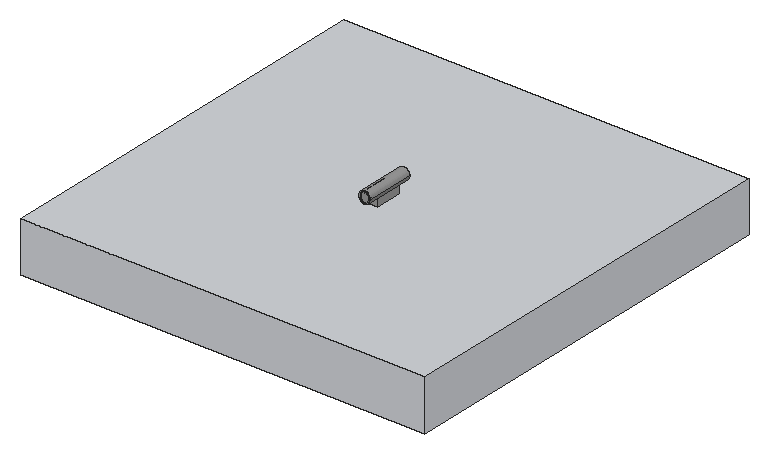
Revit family "LAMP_LUP WALL 70 DIRECT", category Luminarias, Revit 2018 (continued)
Parameters (values of type "665LM 3000 ASYM BLACK")
    \n0.00 0.00 0.00 0.00 0.00 0.00 0.00 0.00 0.00 0.00 0.00 \r\n0.00 0.00 0.00 0.00 0.00 0.00 0.00 0.00 0.00 0.00 0.00 \r\n0.00 0.00 \r\n455.10 503.58 541.94 575.30 599.00 616.63 627.33 627.35 \r\n617.73 600.97 578.48 552.49 524.33 493.21 466.27 444.18 \r\n425.05 404.44 380.81 335.41 280.15 216.01 143.30 86.76 \r\n48.70 36.54 29.18 25.00 21.60 18.15 14.61 11.42 8.93 7.15 \r\n5.87 4.76 3.80 3.06 2.38 1.76 1.26 0.85 0.52 0.30 0.18 \r\n0.00 0.00 0.00 0.00 0.00 0.00 0.00 0.00 0.00 0.00 0.00 \r\n0.00 0.00 0.00 0.00 0.00 0.00 0.00 0.00 0.00 0.00 0.00 \r\n0.00 0.00 0.00 0.00 0.00 0.00 0.00 0.00 0.00 0.00 0.00 \r\n0.00 0.00 0.00 0.00 0.00 0.00 0.00 0.00 0.00 0.00 0.00 \r\n0.00 0.00 \r\n455.10 506.79 548.08 584.49 612.75 632.94 646.19 647.32 \r\n639.20 622.57 599.47 573.14 543.22 509.19 479.73 455.50 \r\n435.02 413.54 389.59 346.09 292.11 228.73 154.64 95.79 \r\n54.60 39.26 30.15 25.60 22.24 18.83 15.30 12.03 9.41 7.48 \r\n6.07 4.88 3.88 3.11 2.41 1.78 1.27 0.85 0.53 0.30 0.18 \r\n0.00 0.00 0.00 0.00 0.00 0.00 0.00 0.00 0.00 0.00 0.00 \r\n0.00 0.00 0.00 0.00 0.00 0.00 0.00 0.00 0.00 0.00 0.00 \r\n0.00 0.00 0.00 0.00 0.00 0.00 0.00 0.00 0.00 0.00 0.00 \r\n0.00 0.00 0.00 0.00 0.00 0.00 0.00 0.00 0.00 0.00 0.00 \r\n0.00 0.00 \r\n455.10 509.96 554.17 593.47 626.53 650.83 666.70 669.19 \r\n662.25 646.51 623.68 596.36 565.25 527.71 495.09 468.42 \r\n445.74 422.91 398.37 356.63 304.18 241.55 166.30 105.19 \r\n60.79 42.19 31.12 26.17 22.86 19.51 16.00 12.64 9.91 7.84 \r\n6.30 5.01 3.95 3.17 2.45 1.82 1.29 0.87 0.53 0.31 0.18 \r\n0.00 0.00 0.00 0.00 0.00 0.00 0.00 0.00 0.00 0.00 0.00 \r\n0.00 0.00 0.00 0.00 0.00 0.00 0.00 0.00 0.00 0.00 0.00 \r\n0.00 0.00 0.00 0.00 0.00 0.00 0.00 0.00 0.00 0.00 0.00 \r\n0.00 0.00 0.00 0.00 0.00 0.00 0.00 0.00 0.00 0.00 0.00 \r\n0.00 0.00 \r\n455.10 513.06 560.18 602.43 640.36 668.82 687.99 691.59 \r\n685.75 671.12 647.83 619.43 586.32 545.80 510.06 480.82 \r\n456.15 432.17 407.87 367.23 316.17 254.93 178.01 114.69 \r\n67.12 45.10 32.11 26.76 23.49 20.19 16.70 13.26 10.41 \r\n8.15 6.51 5.15 4.04 3.22 2.50 1.84 1.31 0.88 0.52 0.31 \r\n0.18 0.00 0.00 0.00 0.00 0.00 0.00 0.00 0.00 0.00 0.00 \r\n0.00 0.00 0.00 0.00 0.00 0.00 0.00 0.00 0.00 0.00 0.00 \r\n0.00 0.00 0.00 0.00 0.00 0.00 0.00 0.00 0.00 0.00 0.00 \r\n0.00 0.00 0.00 0.00 0.00 0.00 0.00 0.00 0.00 0.00 0.00 \r\n0.00 0.00 0.00 \r\n455.10 516.10 566.12 611.38 654.20 686.90 709.05 713.63 \r\n708.91 694.95 671.86 643.24 608.09 563.84 525.45 493.57 \r\n466.56 441.43 417.08 377.86 328.14 267.64 189.69 124.09 \r\n72.90 48.03 33.09 27.33 24.11 20.87 17.40 13.89 10.92 \r\n8.53 6.74 5.28 4.11 3.29 2.54 1.86 1.33 0.89 0.54 0.32 \r\n0.18 0.00 0.00 0.00 0.00 0.00 0.00 0.00 0.00 0.00 0.00 \r\n0.00 0.00 0.00 0.00 0.00 0.00 0.00 0.00 0.00 0.00 0.00 \r\n0.00 0.00 0.00 0.00 0.00 0.00 0.00 0.00 0.00 0.00 0.00 \r\n0.00 0.00 0.00 0.00 0.00 0.00 0.00 0.00 0.00 0.00 0.00 \r\n0.00 0.00 0.00 \r\n455.10 519.06 571.98 620.30 667.84 704.68 728.46 735.39 \r\n732.36 720.10 696.24 665.81 629.59 582.14 540.26 506.31 \r\n477.16 450.80 425.61 388.46 340.11 280.19 201.38 133.51 \r\n78.88 50.88 34.09 27.81 24.73 21.54 18.10 14.51 11.42 \r\n8.89 6.96 5.41 4.20 3.34 2.58 1.90 1.35 0.90 0.55 0.32 \r\n0.19 0.00 0.00 0.00 0.00 0.00 0.00 0.00 0.00 0.00 0.00 \r\n0.00 0.00 0.00 0.00 0.00 0.00 0.00 0.00 0.00 0.00 0.00 \r\n0.00 0.00 0.00 0.00 0.00 0.00 0.00 0.00 0.00 0.00 0.00 \r\n0.00 0.00 0.00 0.00 0.00 0.00 0.00 0.00 0.00 0.00 0.00 \r\n0.00 0.00 0.00 \r\n455.10 521.95 577.76 629.27 682.03 722.34 749.07 757.89 \r\n755.79 743.46 719.99 689.92 650.89 600.45 555.50 518.42 \r\n487.66 460.12 434.47 399.05 352.08 293.02 213.06 142.90 \r\n85.81 53.78 35.06 28.47 25.35 22.22 18.79 15.14 11.92 \r\n9.24 7.18 5.54 4.29 3.40 2.62 1.92 1.36 0.91 0.56 0.32 \r\n0.19 0.00 0.00 0.00 0.00 0.00 0.00 0.00 0.00 0.00 0.00 \r\n0.00 0.00 0.00 0.00 0.00 0.00 0.00 0.00 0.00 0.00 0.00 \r\n0.00 0.00 0.00 0.00 0.00 0.00 0.00 0.00 0.00 0.00 0.00 \r\n0.00 0.00 0.00 0.00 0.00 0.00 0.00 0.00 0.00 0.00 0.00 \r\n0.00 0.00 0.00 \r\n455.10 524.76 583.45 638.77 696.16 740.43 770.85 781.40 \r\n780.48 768.24 745.83 712.42 673.11 618.14 570.86 531.26 \r\n498.14 469.38 443.46 409.64 364.05 305.97 224.70 152.44 \r\n92.05 56.71 36.04 28.88 25.97 22.90 19.49 15.76 12.43 \r\n9.59 7.40 5.67 4.35 3.46 2.66 1.95 1.38 0.92 0.56 0.32 \r\n0.19 0.00 0.00 0.00 0.00 0.00 0.00 0.00 0.00 0.00 0.00 \r\n0.00 0.00 0.00 0.00 0.00 0.00 0.00 0.00 0.00 0.00 0.00 \r\n0.00 0.00 0.00 0.00 0.00 0.00 0.00 0.00 0.00 0.00 0.00 \r\n0.00 0.00 0.00 0.00 0.00 0.00 0.00 0.00 0.00 0.00 0.00 \r\n0.00 0.00 0.00 \r\n455.10 527.48 588.90 648.16 710.22 759.03 793.53 807.98 \r\n810.82 801.07 779.17 746.70 703.64 646.44 593.20 550.34 \r\n513.82 481.87 454.20 420.63 375.53 317.91 235.62 161.66 \r\n98.50 60.13 37.44 29.33 26.45 23.44 20.11 16.36 12.96 \r\n10.02 7.70 5.85 4.44 3.52 2.70 1.97 1.40 0.93 0.57 0.33 \r\n0.19 0.00 0.00 0.00 0.00 0.00 0.00 0.00 0.00 0.00 0.00 \r\n0.00 0.00 0.00 0.00 0.00 0.00 0.00 0.00 0.00 0.00 0.00 \r\n0.00 0.00 0.00 0.00 0.00 0.00 0.00 0.00 0.00 0.00 0.00 \r\n0.00 0.00 0.00 0.00 0.00 0.00 0.00 0.00 0.00 0.00 0.00 \r\n0.00 0.00 0.00 \r\n455.10 530.13 594.36 657.44 724.19 778.12 817.19 837.90 \r\n846.14 842.15 821.95 788.84 746.43 682.20 624.76 575.38 \r\n533.95 497.81 466.69 432.03 386.51 328.85 246.00 170.50 \r\n105.47 64.24 39.34 29.90 26.78 23.86 20.63 16.92 13.51 \r\n10.52 8.06 6.08 4.58 3.58 2.73 1.99 1.41 0.94 0.58 0.33 \r\n0.20 0.00 0.00 0.00 0.00 0.00 0.00 0.00 0.00 0.00 0.00 \r\n0.00 0.00 0.00 0.00 0.00 0.00 0.00 0.00 0.00 0.00 0.00 \r\n0.00 0.00 0.00 0.00 0.00 0.00 0.00 0.00 0.00 0.00 0.00 \r\n0.00 0.00 0.00 0.00 0.00 0.00 0.00 0.00 0.00 0.00 0.00 \r\n0.00 0.00 0.00 \r\n455.10 532.67 599.70 666.48 738.05 797.64 842.04 868.98 \r\n882.99 885.26 864.73 833.36 786.64 719.03 656.03 600.33 \r\n554.19 513.92 479.22 443.44 397.49 339.90 256.34 179.45 \r\n111.71 68.28 41.20 30.08 27.11 24.28 21.17 17.48 14.06 \r\n11.02 8.43 6.32 4.69 3.64 2.77 2.01 1.42 0.95 0.59 0.34 \r\n0.20 0.00 0.00 0.00 0.00 0.00 0.00 0.00 0.00 0.00 0.00 \r\n0.00 0.00 0.00 0.00 0.00 0.00 0.00 0.00 0.00 0.00 0.00 \r\n0.00 0.00 0.00 0.00 0.00 0.00 0.00 0.00 0.00 0.00 0.00 \r\n0.00 0.00 0.00 0.00 0.00 0.00 0.00 0.00 0.00 0.00 0.00 \r\n0.00 0.00 0.00 \r\n455.10 535.14 604.90 675.34 751.83 817.04 868.02 900.32 \r\n920.03 925.08 908.41 875.67 829.96 755.69 686.49 626.01 \r\n574.57 530.08 491.68 454.85 408.46 351.34 266.61 188.40 \r\n118.77 72.34 43.07 30.71 27.44 24.70 21.70 18.04 14.62 \r\n11.51 8.79 6.54 4.77 3.70 2.79 2.02 1.44 0.96 0.59 0.35 \r\n0.20 0.00 0.00 0.00 0.00 0.00 0.00 0.00 0.00 0.00 0.00 \r\n0.00 0.00 0.00 0.00 0.00 0.00 0.00 0.00 0.00 0.00 0.00 \r\n0.00 0.00 0.00 0.00 0.00 0.00 0.00 0.00 0.00 0.00 0.00 \r\n0.00 0.00 0.00 0.00 0.00 0.00 0.00 0.00 0.00 0.00 0.00 \r\n0.00 0.00 0.00 \r\n455.10 537.50 609.98 684.01 765.85 836.22 892.48 931.66 \r\n957.02 966.65 951.58 919.67 869.80 792.08 718.00 651.25 \r\n594.67 546.02 504.11 466.25 419.41 362.57 276.88 197.24 \r\n125.96 76.43 44.90 31.11 27.77 25.11 22.22 18.59 15.17 \r\n11.98 9.15 6.78 4.94 3.77 2.83 2.05 1.45 0.97 0.59 0.35 \r\n0.21 0.00 0.00 0.00 0.00 0.00 0.00 0.00 0.00 0.00 0.00 \r\n0.00 0.00 0.00 0.00 0.00 0.00 0.00 0.00 0.00 0.00 0.00 \r\n0.00 0.00 0.00 0.00 0.00 0.00 0.00 0.00 0.00 0.00 0.00 \r\n0.00 0.00 0.00 0.00 0.00 0.00 0.00 0.00 0.00 0.00 0.00 \r\n0.00 0.00 0.00 \r\n455.10 539.76 614.92 692.48 779.62 855.42 916.52 962.83 \r\n993.86 1009.40 994.94 962.74 913.94 828.54 748.80 676.49 \r\n614.80 561.98 516.73 477.64 430.35 372.59 287.23 206.23 \r\n132.79 80.45 46.75 31.42 28.10 25.53 22.72 19.15 15.72 \r\n12.50 9.52 7.01 4.99 3.83 2.86 2.07 1.46 0.98 0.60 0.36 \r\n0.21 0.00 0.00 0.00 0.00 0.00 0.00 0.00 0.00 0.00 0.00 \r\n0.00 0.00 0.00 0.00 0.00 0.00 0.00 0.00 0.00 0.00 0.00 \r\n0.00 0.00 0.00 0.00 0.00 0.00 0.00 0.00 0.00 0.00 0.00 \r\n0.00 0.00 0.00 0.00 0.00 0.00 0.00 0.00 0.00 0.00 0.00 \r\n0.00 0.00 0.00 \r\n455.10 541.93 619.70 700.74 793.12 874.62 941.26 994.13 \r\n1030.79 1049.72 1038.55 1005.96 952.43 865.50 780.21 \r\n701.24 635.31 578.05 529.19 489.03 441.31 383.56 297.47 \r\n215.09 139.59 84.50 48.61 31.85 28.43 25.95 23.23 19.72 \r\n16.28 13.00 9.89 7.25 5.16 3.89 2.90 2.07 1.48 0.99 0.62 \r\n0.37 0.22 0.00 0.00 0.00 0.00 0.00 0.00 0.00 0.00 0.00 \r\n0.00 0.00 0.00 0.00 0.00 0.00 0.00 0.00 0.00 0.00 0.00 \r\n0.00 0.00 0.00 0.00 0.00 0.00 0.00 0.00 0.00 0.00 0.00 \r\n0.00 0.00 0.00 0.00 0.00 0.00 0.00 0.00 0.00 0.00 0.00 \r\n0.00 0.00 0.00 0.00 \r\n455.10 543.95 624.32 709.06 806.34 892.92 965.80 1025.61 \r\n1068.62 1092.09 1083.95 1052.58 997.48 904.15 812.52 \r\n727.89 656.23 594.67 541.91 500.40 452.13 394.01 307.52 \r\n223.86 146.39 88.63 50.62 32.48 28.81 26.40 23.80 20.28 \r\n16.83 13.50 10.26 7.48 5.26 3.96 2.93 2.10 1.50 1.00 0.63 \r\n0.37 0.22 0.00 0.00 0.00 0.00 0.00 0.00 0.00 0.00 0.00 \r\n0.00 0.00 0.00 0.00 0.00 0.00 0.00 0.00 0.00 0.00 0.00 \r\n0.00 0.00 0.00 0.00 0.00 0.00 0.00 0.00 0.00 0.00 0.00 \r\n0.00 0.00 0.00 0.00 0.00 0.00 0.00 0.00 0.00 0.00 0.00 \r\n0.00 0.00 0.00 0.00 \r\n455.10 545.80 628.79 717.22 818.04 909.79 990.10 1057.35 \r\n1107.16 1138.36 1131.69 1101.54 1048.07 949.11 851.45 \r\n758.54 681.35 613.92 557.32 512.32 462.06 403.57 315.79 \r\n231.20 152.69 93.52 53.76 33.56 29.60 27.05 24.41 20.87 \r\n17.38 14.01 10.67 7.78 5.39 4.05 2.97 2.13 1.50 1.01 0.64 \r\n0.37 0.22 0.00 0.00 0.00 0.00 0.00 0.00 0.00 0.00 0.00 \r\n0.00 0.00 0.00 0.00 0.00 0.00 0.00 0.00 0.00 0.00 0.00 \r\n0.00 0.00 0.00 0.00 0.00 0.00 0.00 0.00 0.00 0.00 0.00 \r\n0.00 0.00 0.00 0.00 0.00 0.00 0.00 0.00 0.00 0.00 0.00 \r\n0.00 0.00 0.00 0.00 \r\n455.10 547.56 633.09 724.78 829.31 926.65 1014.41 1089.33 \r\n1145.99 1183.18 1181.74 1154.17 1097.40 996.16 891.97 \r\n792.60 706.94 633.83 572.50 524.25 471.73 413.14 323.86 \r\n238.31 158.84 98.45 57.10 33.75 30.44 27.74 25.01 21.47 \r\n17.94 14.52 11.10 8.09 5.65 4.14 3.00 2.14 1.51 1.02 0.65 \r\n0.38 0.22 0.00 0.00 0.00 0.00 0.00 0.00 0.00 0.00 0.00 \r\n0.00 0.00 0.00 0.00 0.00 0.00 0.00 0.00 0.00 0.00 0.00 \r\n0.00 0.00 0.00 0.00 0.00 0.00 0.00 0.00 0.00 0.00 0.00 \r\n0.00 0.00 0.00 0.00 0.00 0.00 0.00 0.00 0.00 0.00 0.00 \r\n0.00 0.00 0.00 0.00 \r\n455.10 549.21 636.79 732.09 840.24 943.43 1037.87 1121.04 \r\n1185.10 1226.14 1231.67 1206.77 1151.82 1043.60 932.82 \r\n824.69 732.76 653.74 588.16 536.15 481.43 420.77 332.04 \r\n245.59 164.66 103.39 60.37 35.79 31.27 28.42 25.70 22.06 \r\n18.49 15.03 11.51 8.39 5.81 4.23 3.05 2.15 1.53 1.03 0.65 \r\n0.39 0.22 0.00 0.00 0.00 0.00 0.00 0.00 0.00 0.00 0.00 \r\n0.00 0.00 0.00 0.00 0.00 0.00 0.00 0.00 0.00 0.00 0.00 \r\n0.00 0.00 0.00 0.00 0.00 0.00 0.00 0.00 0.00 0.00 0.00 \r\n0.00 0.00 0.00 0.00 0.00 0.00 0.00 0.00 0.00 0.00 0.00 \r\n0.00 0.00 0.00 0.00 \r\n455.10 550.75 640.13 739.12 850.80 959.87 1061.13 1152.90 \r\n1224.22 1270.80 1281.51 1258.88 1204.99 1090.87 973.54 \r\n858.12 758.39 673.63 603.32 548.02 491.20 430.01 340.09 \r\n252.85 170.48 108.42 63.65 37.25 32.11 29.11 26.27 22.65 \r\n19.05 15.54 11.93 8.71 5.90 4.33 3.08 2.15 1.54 1.04 0.66 \r\n0.39 0.22 0.00 0.00 0.00 0.00 0.00 0.00 0.00 0.00 0.00 \r\n0.00 0.00 0.00 0.00 0.00 0.00 0.00 0.00 0.00 0.00 0.00 \r\n0.00 0.00 0.00 0.00 0.00 0.00 0.00 0.00 0.00 0.00 0.00 \r\n0.00 0.00 0.00 0.00 0.00 0.00 0.00 0.00 0.00 0.00 0.00 \r\n0.00 0.00 0.00 0.00 \r\n455.10 552.20 643.29 745.86 860.93 976.21 1084.66 1184.89 \r\n1263.51 1317.42 1331.44 1311.27 1253.01 1137.86 1014.03 \r\n891.20 784.10 693.54 619.25 559.91 500.80 438.99 348.11 \r\n259.96 177.40 113.45 67.00 37.72 32.94 29.79 26.93 23.24 \r\n19.60 16.06 12.36 9.01 6.15 4.41 3.12 2.18 1.55 1.05 0.66 \r\n0.39 0.23 0.00 0.00 0.00 0.00 0.00 0.00 0.00 0.00 0.00 \r\n0.00 0.00 0.00 0.00 0.00 0.00 0.00 0.00 0.00 0.00 0.00 \r\n0.00 0.00 0.00 0.00 0.00 0.00 0.00 0.00 0.00 0.00 0.00 \r\n0.00 0.00 0.00 0.00 0.00 0.00 0.00 0.00 0.00 0.00 0.00 \r\n0.00 0.00 0.00 0.00 \r\n455.10 553.54 646.26 752.30 870.31 992.50 1106.84 1216.77 \r\n1302.08 1364.62 1381.48 1363.66 1305.76 1185.07 1054.64 \r\n922.86 809.81 713.51 633.64 571.85 510.61 447.41 356.29 \r\n267.19 183.01 118.37 70.22 39.70 33.78 30.48 27.58 23.83 \r\n20.16 16.58 12.77 9.32 6.38 4.51 3.15 2.21 1.56 1.05 0.67 \r\n0.40 0.23 0.00 0.00 0.00 0.00 0.00 0.00 0.00 0.00 0.00 \r\n0.00 0.00 0.00 0.00 0.00 0.00 0.00 0.00 0.00 0.00 0.00 \r\n0.00 0.00 0.00 0.00 0.00 0.00 0.00 0.00 0.00 0.00 0.00 \r\n0.00 0.00 0.00 0.00 0.00 0.00 0.00 0.00 0.00 0.00 0.00 \r\n0.00 0.00 0.00 0.00 \r\n455.10 554.67 649.03 757.90 879.08 1007.22 1127.44 \r\n1246.76 1337.16 1408.95 1427.95 1416.17 1358.94 1232.39 \r\n1093.98 956.20 835.57 733.02 650.37 583.65 520.28 456.54 \r\n364.21 274.39 189.65 123.44 73.56 40.86 34.61 31.17 28.16 \r\n24.43 20.71 17.06 13.18 9.62 6.56 4.60 3.20 2.24 1.57 \r\n1.06 0.67 0.40 0.23 0.00 0.00 0.00 0.00 0.00 0.00 0.00 \r\n0.00 0.00 0.00 0.00 0.00 0.00 0.00 0.00 0.00 0.00 0.00 \r\n0.00 0.00 0.00 0.00 0.00 0.00 0.00 0.00 0.00 0.00 0.00 \r\n0.00 0.00 0.00 0.00 0.00 0.00 0.00 0.00 0.00 0.00 0.00 \r\n0.00 0.00 0.00 0.00 0.00 0.00 \r\n455.10 555.48 651.59 761.82 887.26 1016.73 1147.23 \r\n1266.02 1369.66 1435.14 1468.26 1451.42 1401.89 1266.21 \r\n1126.22 981.35 854.48 747.99 660.83 592.01 526.71 462.51 \r\n369.39 278.53 192.91 126.54 75.70 40.33 35.43 31.81 28.74 \r\n24.93 21.15 17.46 13.51 9.86 6.67 4.67 3.23 2.25 1.57 \r\n1.07 0.68 0.41 0.23 0.00 0.00 0.00 0.00 0.00 0.00 0.00 \r\n0.00 0.00 0.00 0.00 0.00 0.00 0.00 0.00 0.00 0.00 0.00 \r\n0.00 0.00 0.00 0.00 0.00 0.00 0.00 0.00 0.00 0.00 0.00 \r\n0.00 0.00 0.00 0.00 0.00 0.00 0.00 0.00 0.00 0.00 0.00 \r\n0.00 0.00 0.00 0.00 0.00 0.00 \r\n455.10 556.19 653.94 765.28 894.50 1025.45 1159.55 \r\n1283.86 1386.88 1459.50 1491.79 1480.38 1423.39 1292.28 \r\n1147.40 998.04 867.30 757.28 666.18 596.41 529.99 464.19 \r\n371.31 280.28 195.52 127.78 76.71 43.35 36.22 32.41 29.31 \r\n25.33 21.49 17.76 13.75 10.03 6.72 4.73 3.25 2.26 1.58 \r\n1.07 0.69 0.41 0.23 0.00 0.00 0.00 0.00 0.00 0.00 0.00 \r\n0.00 0.00 0.00 0.00 0.00 0.00 0.00 0.00 0.00 0.00 0.00 \r\n0.00 0.00 0.00 0.00 0.00 0.00 0.00 0.00 0.00 0.00 0.00 \r\n0.00 0.00 0.00 0.00 0.00 0.00 0.00 0.00 0.00 0.00 0.00 \r\n0.00 0.00 0.00 0.00 0.00 0.00 \r\n455.10 556.79 656.06 768.26 899.46 1033.40 1169.70 \r\n1298.52 1403.94 1479.79 1515.38 1506.00 1447.17 1316.58 \r\n1168.36 1013.45 880.14 766.47 674.08 600.73 533.09 467.67 \r\n373.14 281.85 196.82 129.17 77.79 44.43 37.00 33.01 29.73 \r\n25.73 21.83 18.07 13.99 10.21 6.76 4.79 3.28 2.26 1.58 \r\n1.07 0.69 0.41 0.23 0.00 0.00 0.00 0.00 0.00 0.00 0.00 \r\n0.00 0.00 0.00 0.00 0.00 0.00 0.00 0.00 0.00 0.00 0.00 \r\n0.00 0.00 0.00 0.00 0.00 0.00 0.00 0.00 0.00 0.00 0.00 \r\n0.00 0.00 0.00 0.00 0.00 0.00 0.00 0.00 0.00 0.00 0.00 \r\n0.00 0.00 0.00 0.00 0.00 0.00 \r\n455.10 557.27 657.87 770.79 903.91 1040.81 1179.22 \r\n1312.01 1421.27 1500.65 1539.06 1531.23 1472.75 1340.91 \r\n1189.23 1030.20 892.85 775.59 681.06 605.39 536.15 470.82 \r\n375.29 283.60 197.97 130.43 78.87 44.48 37.77 33.61 30.19 \r\n26.13 22.17 18.38 14.21 10.37 6.92 4.85 3.30 2.26 1.59 \r\n1.07 0.69 0.41 0.23 0.00 0.00 0.00 0.00 0.00 0.00 0.00 \r\n0.00 0.00 0.00 0.00 0.00 0.00 0.00 0.00 0.00 0.00 0.00 \r\n0.00 0.00 0.00 0.00 0.00 0.00 0.00 0.00 0.00 0.00 0.00 \r\n0.00 0.00 0.00 0.00 0.00 0.00 0.00 0.00 0.00 0.00 0.00 \r\n0.00 0.00 0.00 0.00 0.00 0.00 \r\n455.10 557.66 658.76 772.88 907.83 1047.62 1189.45 \r\n1325.57 1438.29 1521.79 1562.62 1556.62 1499.48 1365.16 \r\n1210.04 1047.93 905.47 784.82 687.47 609.88 539.52 472.29 \r\n377.28 285.45 200.40 131.65 79.86 44.21 38.57 34.22 30.67 \r\n26.54 22.52 18.65 14.44 10.54 7.07 4.91 3.33 2.27 1.59 \r\n1.08 0.70 0.41 0.22 0.00 0.00 0.00 0.00 0.00 0.00 0.00 \r\n0.00 0.00 0.00 0.00 0.00 0.00 0.00 0.00 0.00 0.00 0.00 \r\n0.00 0.00 0.00 0.00 0.00 0.00 0.00 0.00 0.00 0.00 0.00 \r\n0.00 0.00 0.00 0.00 0.00 0.00 0.00 0.00 0.00 0.00 0.00 \r\n0.00 0.00 0.00 0.00 0.00 0.00 \r\n455.10 557.93 659.40 774.07 911.11 1053.79 1199.02 \r\n1339.28 1455.68 1543.01 1586.28 1582.23 1526.63 1389.10 \r\n1230.93 1065.20 918.04 794.09 693.67 614.43 542.71 474.43 \r\n379.27 287.19 202.46 132.95 80.91 45.77 39.35 34.82 31.17 \r\n26.95 22.85 18.93 14.67 10.71 7.21 4.96 3.36 2.27 1.59 \r\n1.08 0.70 0.41 0.22 0.00 0.00 0.00 0.00 0.00 0.00 0.00 \r\n0.00 0.00 0.00 0.00 0.00 0.00 0.00 0.00 0.00 0.00 0.00 \r\n0.00 0.00 0.00 0.00 0.00 0.00 0.00 0.00 0.00 0.00 0.00 \r\n0.00 0.00 0.00 0.00 0.00 0.00 0.00 0.00 0.00 0.00 0.00 \r\n0.00 0.00 0.00 0.00 0.00 0.00 \r\n455.10 558.09 659.78 774.68 912.03 1056.54 1205.20 \r\n1350.46 1472.64 1564.09 1609.93 1607.57 1553.15 1413.11 \r\n1252.02 1082.19 930.62 803.30 699.68 618.95 546.01 476.97 \r\n381.18 288.78 204.22 134.20 81.92 47.35 40.14 35.42 31.66 \r\n27.35 23.19 19.22
     14.90 10.87 7.33 5.02 3.38 2.28 1.60 \r\n1.08 0.70 0.40 0.22 0.00 0.00 0.00 0.00 0.00 0.00 0.00 \r\n0.00 0.00 0.00 0.00 0.00 0.00 0.00 0.00 0.00 0.00 0.00 \r\n0.00 0.00 0.00 0.00 0.00 0.00 0.00 0.00 0.00 0.00 0.00 \r\n0.00 0.00 0.00 0.00 0.00 0.00 0.00 0.00 0.00 0.00 0.00 \r\n0.00 0.00 0.00 0.00 0.00 0.00 \r\n455.10 558.15 659.91 774.88 912.34 1056.93 1205.62 \r\n1350.92 1472.92 1566.70 1614.93 1614.83 1562.61 1423.01 \r\n1261.72 1090.69 937.44 808.60 703.40 621.72 548.02 478.63 \r\n382.50 289.97 205.46 135.11 82.65 48.25 40.70 35.84 32.01 \r\n27.63 23.43 19.42 15.06 11.00 7.40 5.06 3.39 2.29 1.60 \r\n1.08 0.70 0.40 0.22 0.00 0.00 0.00 0.00 0.00 0.00 0.00 \r\n0.00 0.00 0.00 0.00 0.00 0.00 0.00 0.00 0.00 0.00 0.00 \r\n0.00 0.00 0.00 0.00 0.00 0.00 0.00 0.00 0.00 0.00 0.00 \r\n0.00 0.00 0.00 0.00 0.00 0.00 0.00 0.00 0.00 0.00 0.00 \r\n0.00 0.00 0.00 0.00 0.00 0.00 \r\n"
  built-in parameter 1150137 = (empty or 0)
  built-in parameter 1150132 = 2
  Material reflector = LAMP_Aluminio Reflector Imag
  Material cuerpo = LAMP_Aluminio perfil Ocult NG
  Material cristal = LAMP_CRISTAL Aro Kombic
  Material COB = LAMP_COB
  Manufacturer name = "LAMP"
  Manufacturer country = "Spain"
  Manufacturer URL = "http://www.lamp.es/en"
  MacAdam = "3"
  Last update = "10/02/2022"
  Lamp = "COB LED"
  LED Lifetime = "50.000 L80 B10"
  built-in parameter 1150105 = 52.914 (stored number, unit not read)
  built-in parameter 1150102 = (empty or 0)
  Insulation class = "I"
  Installation instructions = "https://www.lamp.es/product-files/packed/by-family/67131_INS_all.zip"
  built-in parameter 1150106 = 0.52914 (stored number, unit not read)
  Height = "295"
  Gear = "Electronic"
  Lumens = 664.938 lm
  Finish = "Texturised black RAL 9011"
  Color Filter = 16777215
  built-in parameter 1114217 = 1 (stored number, unit not read)
  built-in parameter 1150139 = (empty or 0)
  Default Elevation = 1219.2 mm
  built-in parameter 1150104 = 5.8278 (stored number, unit not read)
  Efficacy = 62.73 lm/W
  Diameter = "70"
  built-in parameter 1150115 = 1 (stored number, unit not read)
  built-in parameter 1150114 = 1 (stored number, unit not read)
  built-in parameter 1150138 = (empty or 0)
  built-in parameter 1150134 = 3
  Dimming Lamp Color Temperature Shift = (empty or 0)
  CRI = "80"
  Archivo de red fotométrica = "LW170DR10AS30NB.IES"
  built-in parameter 1150133 = 10 (stored number, unit not read)
Reference planes
  plane 1 "Centro (Frontal/Posterior)": y = 0
  plane 2: z = 0
  plane 3 "Centro (Izquierda/Derecha)": x = 0
Forms (mm)
  Extrusion 1, solid
    sketch origin (0, 0, 0) x (1, 0, 0) y (0, 1, 0)
      loop
        line (-1219.2, 1219.2) -> (-1219.2, -1219.2) -> (1219.2, -1219.2) -> (1219.2, 1219.2) -> (-1219.2, 1219.2)
    from 0 to -304.8
  Extrusion 2, solid, material "LAMP_Aluminio perfil Ocult NG" <- "Material cuerpo"
    sketch origin (0, 0, 0) x (1, 0, 0) y (0, 0, 1)
      loop
        line (-22.5, 0) -> (22.5, 0) -> (22.5, 44.6)
        arc (22.5, 44.6) -> (0, 36.559) -> (-22.5, 44.6) r 35.5
        line (-22.5, 44.6) -> (-22.5, 0)
    from -80 to 80
  Extrusion 3, solid, material "LAMP_Aluminio perfil Ocult NG" <- "Material cuerpo"
    sketch origin (0, 0, 0) x (1, 0, 0) y (0, 0, 1)
      loop
        circle (0, 71.559) r 35
    from -147.5 to 147.5
  Extrusion 4, void
    sketch origin (0, 0, 0) x (1, 0, 0) y (0, 0, 1)
      loop
        circle (0, 71.559) r 26.5
    from -23.917 to 147.5
  Extrusion 5, solid, material "LAMP_CRISTAL Aro Kombic" <- "Material cristal"
    sketch origin (0, 0, 0) x (1, 0, 0) y (0, 0, 1)
      loop
        circle (0, 71.559) r 26.5
    from 146.5 to 147.5
  Revolve 6, solid, material "LAMP_Aluminio Reflector Imag" <- "Material reflector"
    sketch origin (0, -11.159, -27.2) x (0, 0.981627, -0.190809) y (0, 0.190809, 0.981627)
      loop
        line (-146.5, 98.059) -> (-146.5, 71.559) -> (-127.182, 71.559) -> (-126.182, 71.559) -> (-126.182, 81.592) -> (-127.182, 81.592) -> (-146.5, 98.059)
      axis (-126.182, 71.559) -> (-146.5, 71.559)
    angle from 0 to 360
  Revolve 7, void
    sketch origin (0, -11.159, -27.2) x (0, 0.981627, -0.190809) y (0, 0.190809, 0.981627)
      loop
        line (-146.5, 97.059) -> (-146.5, 71.559) -> (-127.182, 71.559) -> (-126.182, 71.559) -> (-126.182, 80.559) -> (-127.182, 80.559) -> (-146.5, 97.059)
      axis (-146.5, 71.559) -> (-126.182, 71.559)
    angle from 0 to 360
  Extrusion 8, solid, material "LAMP_COB" <- "Material COB"
    sketch origin (0, -11.159, -27.2) x (1, 0, 0) y (0, 0.190809, 0.981627)
      loop
        circle (0, 71.559) r 9
    from 126.182 to 127.182
Cuts and joins
  Extrusion 4 cuts Extrusion 3
  Revolve 7 cuts Revolve 6
Text (mm)
  text "Any modification of the parameters and properties of the LAMP BIM models must be executed and validated by the LAMP technical department.\nPhone: +34 93 736 68 00\nE-mail: lamp@lamp.es\n\nLAMP reserves the right to modify the technical specifications of its products." at (-11425.66, 18778.065, -12918.526), in view "Vista 1"
Dimensions and locks
  aligned and locked: plane 2 to Extrusion 1
  aligned and locked: level to Extrusion 1
Connectors
  electrical at (0, 0, 0)
    settings: on Extrusion 2, index 1, voltage 230 V, apparent load 0 VA, apparent load phase1 0 VA, apparent load phase2 0 VA, apparent load phase3 0 VA, power factor 1, load classification "Otro", number of poles 1, system type 31, power factor state 1, is connector primary yes, connector utility no, sub classification motor no, connector description ""
